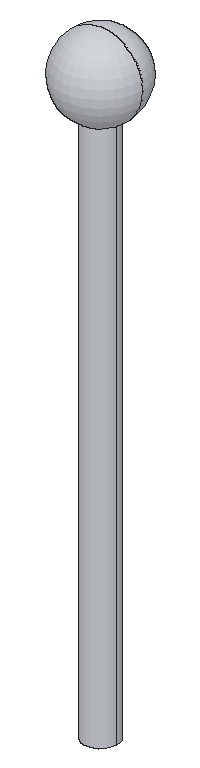
Revit family "Probe_LUX", category Electrical Fixtures, Revit 2025
Family settings
  Round Connector Dimension = Use Diameter
  Part Type = Normal
  Work Plane-Based = No
  Always vertical = Yes
  Cut with Voids When Loaded = No
  Maintain Annotation Orientation = No
  Shared = No
  Room Calculation Point = No
Parameters
  WorkPlane [instance] = 750 mm
  Default Elevation = 0 mm
Reference planes
  plane 1 "Center (Front/Back)": y = 0
  plane 2: z = 0
  plane 3 "Center (Left/Right)": x = 0
  plane 4: z = 750
Forms (mm)
  Revolve 1, solid
    sketch origin (0, 0, 0) x (1, 0, 0) y (0, 0, 1)
      loop
        line (0, 0) -> (20, 0) -> (20, 654.174)
        arc (20, 654.174) -> (48.945, 710.215) -> (0, 750) r 50
        line (0, 750) -> (0, 0)
      axis (0, 750) -> (0, 0)
    angle from 0 to 360
Dimensions and locks
  "WorkPlane": plane 4 to level
  aligned and locked: level to plane 2
Automatic sketch dimensions
  Revolve 1 sketch curve to plane 3 "Center (Left/Right)" = 0 mm  (x2)
  Revolve 1 sketch curve to level = 0 mm
  Revolve 1 sketch curve to plane 4 = 0 mm
  Revolve 1 sketch curve to Revolve 1 sketch curve = 20 mm
  Revolve 1 sketch curve to plane 4 = 95.826 mm
  Revolve 1 sketch curve to level = 140 mm
  Revolve 1 sketch curve to Revolve 1 sketch curve = 278.477 mm
